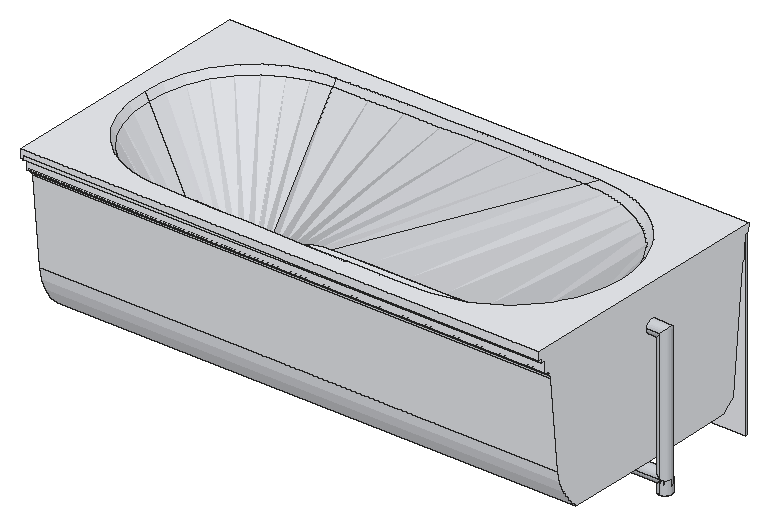
Revit family
Parameters (values of type "2393.202")
  Waste Connection = yes
  Vent Connection = no
  URL = "http://www.americanstandard.ca"
  Type Comments = ""
  Revised Date = "13/12/2011"
  Product URL = "http://www.americanstandard.ca/product.aspx?p_id=3467e522-9cab-4989-8882-12bb927627af"
  Phone # = "416-250-5656"
  Model = "2393.202"
  Material = Porcelain
  Manufacturer = "American Standard Brands"
  HW Connection = no
  Designed By = "ATS BIM Team"
  Description = "'PRINCETON Bath',right hand, for alcove built-in installation, 60\" x 30\" x 14\" (1524mm x 762mm x 356mm) deep, heavy duty porcelain on steel. One piece Americast TM material with integral front apron, three sided tiling flange, with full slip resistant surface, sound and heat retention bottom, for above or through floor rough-in. "
  Default Elevation = 0' - 0"
  CW Connection = no
  Assembly Code = "D2010510"
Reference planes (in)
  plane 1 "Center (Front/Back)": y = 0
  plane 2: z = 0
  plane 3 "Center (Left/Right)": x = 0
  plane 4: x = -30
  plane 5: x = 30
  plane 6: y = 14.40443
  plane 7: y = -15.59557
  plane 8: z = 21.567
  plane 9: z = 20.6295
  plane 10: z = 3.5045
  plane 11: z = 2.1295
Forms (in)
  Extrusion 1, solid, material "Porcelain"
    sketch origin (0, 0, 4.25) x (1, 0, 0) y (0, 1, 0)
      loop
        line (29.567, 14.40443) -> (-29.567, 14.40443)
        arc (-29.567, 14.40443) -> (-29.87318, 14.27761) -> (-30, 13.97143) r 0.433
        line (-30, 13.97143) -> (-30, -15.53557)
        arc (-30, -15.53557) -> (-29.97546, -15.58205) -> (-29.92323, -15.58798) r 0.05627
        arc (-29.92323, -15.58798) -> (0.02405, -15.97057) -> (29.97131, -15.58675) r 1170.375
        arc (29.97131, -15.58675) -> (29.99234, -15.56491) -> (30, -15.53557) r 0.06
        line (30, -15.53557) -> (30, 13.97143)
        arc (30, 13.97143) -> (29.87318, 14.27761) -> (29.567, 14.40443) r 0.433
    from -4.25 to 16.7545
  Blend 2, void
    base sketch origin (0, 0, 4.25) x (1, 0, 0) y (0, 1, 0)
      loop
        arc (-19.62862, 6.74943) -> (-19.98405, 3.38305) -> (-20.10134, 0) r 48
        arc (-20.10134, 0) -> (-19.98405, -3.38305) -> (-19.62862, -6.74943) r 48
        arc (-19.62862, -6.74943) -> (-18.12378, -9.51685) -> (-15.17293, -10.61943) r 4.5
        arc (-15.17293, -10.61943) -> (0.10103, -10.74443) -> (15.375, -10.61943) r 933.19798
        arc (15.375, -10.61943) -> (22.87366, -7.50728) -> (25.96496, 0) r 10.59
        arc (25.96496, 0) -> (22.87366, 7.50728) -> (15.375, 10.61943) r 10.59
        arc (15.375, 10.61943) -> (0.10103, 10.74443) -> (-15.17293, 10.61943) r 933.19798
        arc (-15.17293, 10.61943) -> (-18.12378, 9.51685) -> (-19.62862, 6.74943) r 4.5
    top sketch origin (0, 0, 0) x (1, 0, 0) y (0, 1, 0)
      loop
        arc (-15.75, 12.27943) -> (-24.69471, 8.3993) -> (-27.97303, -0.78307) r 12.25
        arc (-27.97303, -0.78307) -> (-24.69471, -9.96544) -> (-15.75, -13.84557) r 12.25
        arc (-15.75, -13.84557) -> (-0.12468, -13.97058) -> (15.50064, -13.84557) r 976.6031
        arc (15.50064, -13.84557) -> (23.52015, -10.8557) -> (27.625, -3.34557) r 12.25
        line (27.625, -3.34557) -> (27.625, -0.78307) -> (27.625, 1.77943)
        arc (27.625, 1.77943) -> (23.52015, 9.28956) -> (15.50064, 12.27943) r 12.25
        arc (15.50064, 12.27943) -> (-0.12468, 12.40444) -> (-15.75, 12.27943) r 976.6031
    from 0.73709 to 22.5045
  Extrusion 3, void
    sketch origin (0, -0.25, 4.25) x (0, 1, 0) y (0, 0, 1)
      loop
        line (13.97622, 15.942) -> (13.97622, 14.17978) -> (13.8422, 13.99311)
        arc (13.8422, 13.99311) -> (13.75759, 13.83569) -> (13.71612, 13.66186) r 0.692
        line (13.71612, 13.66186) -> (12.34254, 0.59311)
        arc (12.34254, 0.59311) -> (11.74627, -0.01871) -> (11.04935, -0.51283) r 4.71291
        line (11.04935, -0.51283) -> (0, -0.7057) -> (-10.25, -0.7057)
        arc (-10.25, -0.7057) -> (-12.02874, 1.3882) -> (-12.85259, 4.0092) r 6.92052
        line (-12.85259, 4.0092) -> (-13.91449, 14.11255)
        arc (-13.91449, 14.11255) -> (-13.95597, 14.28638) -> (-14.04057, 14.44379) r 0.692
        line (-14.04057, 14.44379) -> (-14.30756, 14.81567)
        arc (-14.30756, 14.81567) -> (-14.53191, 15.01605) -> (-14.82009, 15.10231) r 0.692
        line (-14.82009, 15.10231) -> (-14.82009, 16.35203) -> (-16.38528, 16.35203) -> (-16.38528, -5.06189) -> (14.28058, -5.06189) -> (14.28058, 15.942) -> (13.97622, 15.942)
    from -34.52389 to 32
  Extrusion 4, void
    sketch origin (0, 0, 2.125) x (1, 0, 0) y (0, 1, 0)
      loop
        circle (22.25, 0.02943) r 0.75
    from 0 to 12
  Sweep 5, solid
    path origin (30.34024, 0.0273, 4.61209) x (1, 0, 0) y (0, 0, 1)
      loop
        line (0, 13.08299) -> (1.5, 13.08299) -> (1.5, -2.04201) -> (-8.125, -2.04201) -> (-8.125, 0)
    profile origin (31.09024, 0.0273, 17.69508) x (0, 0, 1) y (0, -1, 0)
      loop
        circle (0, 0) r 0.75
  Extrusion 6, solid, material "Porcelain"
    sketch origin (0, 0, 2.125) x (0, 1, 0) y (0, 0, 1)
      loop
        line (14.40443, 18.8795) -> (14.40443, 19.817) -> (-15.97057, 19.817) -> (-15.97057, 18.8795) -> (14.40443, 18.8795)
    from -30 to 30
  Blend 7, void
    base sketch origin (0, 0, 4.25) x (1, 0, 0) y (0, 1, 0)
      loop
        arc (-19.62862, 6.74943) -> (-19.98405, 3.38305) -> (-20.10134, 0) r 48
        arc (-20.10134, 0) -> (-19.98405, -3.38305) -> (-19.62862, -6.74943) r 48
        arc (-19.62862, -6.74943) -> (-18.12378, -9.51685) -> (-15.17293, -10.61943) r 4.5
        arc (-15.17293, -10.61943) -> (0.10103, -10.74443) -> (15.375, -10.61943) r 933.19798
        arc (15.375, -10.61943) -> (22.87366, -7.50728) -> (25.96496, 0) r 10.59
        arc (25.96496, 0) -> (22.87366, 7.50728) -> (15.375, 10.61943) r 10.59
        arc (15.375, 10.61943) -> (0.10103, 10.74443) -> (-15.17293, 10.61943) r 933.19798
        arc (-15.17293, 10.61943) -> (-18.12378, 9.51685) -> (-19.62862, 6.74943) r 4.5
    top sketch origin (0, 0, 0) x (1, 0, 0) y (0, 1, 0)
      loop
        arc (-15.75, 12.27943) -> (-24.69471, 8.3993) -> (-27.97303, -0.78307) r 12.25
        arc (-27.97303, -0.78307) -> (-24.69471, -9.96544) -> (-15.75, -13.84557) r 12.25
        arc (-15.75, -13.84557) -> (-0.12468, -13.97058) -> (15.50064, -13.84557) r 976.6031
        arc (15.50064, -13.84557) -> (23.52015, -10.8557) -> (27.625, -3.34557) r 12.25
        line (27.625, -3.34557) -> (27.625, -0.78307) -> (27.625, 1.77943)
        arc (27.625, 1.77943) -> (23.52015, 9.28956) -> (15.50064, 12.27943) r 12.25
        arc (15.50064, 12.27943) -> (-0.12468, 12.40444) -> (-15.75, 12.27943) r 976.6031
    from -0.3705 to 21.067
  Blend 8, void
    base sketch origin (0, 0, 4.25) x (1, 0, 0) y (0, 1, 0)
      loop
        arc (-19.62862, 6.74943) -> (-19.98405, 3.38305) -> (-20.10134, 0) r 48
        arc (-20.10134, 0) -> (-19.98405, -3.38305) -> (-19.62862, -6.74943) r 48
        arc (-19.62862, -6.74943) -> (-18.12378, -9.51685) -> (-15.17293, -10.61943) r 4.5
        arc (-15.17293, -10.61943) -> (0.10103, -10.74443) -> (15.375, -10.61943) r 933.19798
        arc (15.375, -10.61943) -> (22.87366, -7.50728) -> (25.96496, 0) r 10.59
        arc (25.96496, 0) -> (22.87366, 7.50728) -> (15.375, 10.61943) r 10.59
        arc (15.375, 10.61943) -> (0.10103, 10.74443) -> (-15.17293, 10.61943) r 933.19798
        arc (-15.17293, 10.61943) -> (-18.12378, 9.51685) -> (-19.62862, 6.74943) r 4.5
    top sketch origin (0, 0, 0) x (1, 0, 0) y (0, 1, 0)
      loop
        arc (-15.75, 12.27943) -> (-24.69471, 8.3993) -> (-27.97303, -0.78307) r 12.25
        arc (-27.97303, -0.78307) -> (-24.69471, -9.96544) -> (-15.75, -13.84557) r 12.25
        arc (-15.75, -13.84557) -> (-0.12468, -13.97058) -> (15.50064, -13.84557) r 976.6031
        arc (15.50064, -13.84557) -> (23.52015, -10.8557) -> (27.625, -3.34557) r 12.25
        line (27.625, -3.34557) -> (27.625, -0.78307) -> (27.625, 1.77943)
        arc (27.625, 1.77943) -> (23.52015, 9.28956) -> (15.50064, 12.27943) r 12.25
        arc (15.50064, 12.27943) -> (-0.12468, 12.40444) -> (-15.75, 12.27943) r 976.6031
    from 0.73709 to 22.5045
  Revolve 9, solid
    sketch origin (31.875, 0, 0) x (0, 1, 0) y (0, 0, 1)
      loop
        line (0.7773, 2.57008) -> (0.0273, 2.57008) -> (0.0273, 1.07008) -> (0.7773, 1.07008) -> (0.7773, 2.57008)
      axis (0.0273, 1.07008) -> (0.0273, 2.57008)
    angle from 0 to 360
  Extrusion 10, solid
    sketch origin (0, 0.03125, 0) x (1, 0, 0) y (0, 1, 0)
      loop
        circle (31.87238, 0) r 0.75
    from 1.00362 to 1.07008
Cuts and joins
  Blend 7, Blend 8 cuts Sweep 5
  Blend 2, Extrusion 3, Extrusion 4, Blend 8 cuts Extrusion 1
  Blend 8 cuts Extrusion 6
  joined: Extrusion 1, Extrusion 6
Dimensions and locks (in)
  plane 4 to plane 5 = 5' - 0"
  plane 7 to plane 6 = 2' - 6"
  plane 8 to plane 9 = 0' - 0 15/16"
  plane 9 to plane 10 = 1' - 5 1/8"
  plane 10 to level = 0' - 3.5045"
  plane 11 to level = 0' - 2.1295"
  plane 6 to plane 7 = 2' - 6"
  plane 8 to level = 1' - 9.567"
Connectors (in)
  piping at (31.87238, 0.03125, 1.00362)
    settings: on Extrusion 10, index 1
